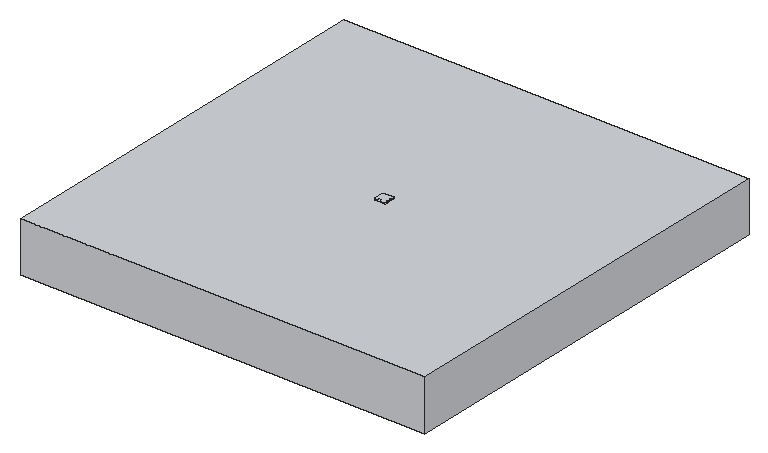
Revit family "Gira_015500", category Allgemeines Modell, Revit 2017
Family settings
  Basisbauteil = Fläche
  Kann Basisbauteil für Bewehrung sein = Nein
  Bemaßung runder Anschluss = Durchmesser verwenden
  Teiletyp = Normal
  Beim Laden mit Abzugskörper schneiden = Nein
  Gemeinsam genutzt = Nein
  Raumberechnungspunkt = Nein
Parameters
  Zusammenstellung = "Basiselement"
  Zufallsgenerator = no
  Werkstoffgüte = "sonstige"
  Werkstoff = "sonstige"
  Default Elevation = 1219.2 mm
  Verwendbar mit Zeitschalter/Timer = no
  Verwendbar mit Taste = yes
  Verwendbar mit Präsenzmelder = no
  Verwendbar mit IR-Taste = no
  Verwendbar mit Funktaste = no
  Verwendbar mit Bewegungsmelder = no
  URL = "https://www.gira.de/"
  Typname = "Wipptaster Wechsler 2f Einsatz"
  Transparent = no
  Textfeld/Beschriftungsfläche = no
  Seriendimmer = no
  Rückmeldekontakt = no
  Produktseite = "http://katalog.gira.de/de_DE/datenblatt.html?artikelnr=015500"
  Oberfläche = "sonstige"
  Nennspannung [Volt] 5 = 230
  Nennspannung [Volt] 2 = 230
  Nennspannung [Volt] 13 = 250
  Nennspannung [Volt] 1 = 230
  Nennspannung [Volt] = "[230:230]"
  Nebenstelleneingang = yes
  Montageart = "Unterputz"
  Mit Memory-Funktion = no
  Mit Helligkeitssensoranschluss = no
  Mit Glasbruchmelderanschluss = no
  Mit Beleuchtung = no
  Mit Astro-Programm = no
  Max. Schaltleistung [Voltampere] = 1000
  Lichtwertspeicher = no
  Lastart = "sonstige"
  Kontakte = "2 Schließer"
  Integrierte Zeitschaltuhr = no
  Hersteller = "Gira"
  Halogenfrei = no
  HAN = "015500"
  Geeignet für Windsensor = no
  Geeignet für Schutzart (IP) = "IP20"
  Geeignet für Regensensor = no
  GTIN = "4010337155003"
  Funk bidirektional = no
  Frequenz [Hz] = "[50:50]"
  Farbe = "sonstige"
  Dimmung Phasenanschnitt = no
  Dimmung Phasenabschnitt = no
  Datenblatt = "https://katalog.gira.de/de_DE/download.html?artikelnr=015500"
  Bussystem Powernet = no
  Bussystem LON = no
  Bussystem KNX-Funk = no
  Bussystem KNX = yes
  Bussystem Funkbus = no
  Beschreibung = "Einsatz Wipptaster 10 AX 250 V~  Wechsler 2fach"
  Bemessungsstrom = 10 A
  Befestigungsart = "Krallen-/Schraubbefestigung"
  Bedienungsart = "Wippe"
  BIM = "https://media.stage.bim.site/public/gira/876eb45/Einsatz_1fach.rfa"
  Aussperrsicherung = no
  Ausführung der Oberfläche = "nicht zutreffend"
  Ausführung = "Einzeltaster"
  Aufdruck = "ohne"
  App-Steuerung über Bluetooth = no
  Anzahl der Betätigungswippen = 2
  Anschlussart = "Schraubklemme"
  Andere Bussysteme = "ohne"
Reference planes
  plane 1 "Center (Front/Back)": y = 0
  plane 2: z = 0
  plane 3 "Center (Left/Right)": x = 0
Forms (mm)
  Extrusion 1, solid
    sketch origin (0, 0, 0) x (1, 0, 0) y (0, 1, 0)
      loop
        line (-1219.2, 1219.2) -> (-1219.2, -1219.2) -> (1219.2, -1219.2) -> (1219.2, 1219.2) -> (-1219.2, 1219.2)
    from 0 to -304.8
  Extrusion 2, solid, detail levels fine
    sketch origin (0, 0, 0) x (1, 0, 0) y (0, 1, 0)
      loop
        line (27.475, 35.475) -> (-27.475, 35.475)
        arc (-27.475, 35.475) -> (-33.132, 33.132) -> (-35.475, 27.475) r 8
        line (-35.475, 27.475) -> (-35.475, -27.475)
        arc (-35.475, -27.475) -> (-33.132, -33.132) -> (-27.475, -35.475) r 8
        line (-27.475, -35.475) -> (27.475, -35.475)
        arc (27.475, -35.475) -> (33.132, -33.132) -> (35.475, -27.475) r 8
        line (35.475, -27.475) -> (35.475, 27.475)
        arc (35.475, 27.475) -> (33.132, 33.132) -> (27.475, 35.475) r 8
    from 0 to 1.8
  Extrusion 3, solid, detail levels fine
    sketch origin (0, 0, 0) x (1, 0, 0) y (0, 1, 0)
      loop
        line (9.678, 25.4) -> (-9.678, 25.4)
        arc (-9.678, 25.4) -> (-12.885, 24.922) -> (-15.814, 23.53) r 11
        arc (-15.814, 23.53) -> (-17.795, 22.07) -> (-19.641, 20.444) r 28.35
        arc (-19.641, 20.444) -> (-21.339, 18.665) -> (-22.876, 16.745) r 28.35
        arc (-22.876, 16.745) -> (-24.456, 13.666) -> (-25, 10.248) r 11
        line (-25, 10.248) -> (-25, -10.248)
        arc (-25, -10.248) -> (-24.456, -13.666) -> (-22.876, -16.745) r 11
        arc (-22.876, -16.745) -> (-20.409, -19.677) -> (-17.569, -22.25) r 28.35
        line (-17.569, -22.25) -> (17.569, -22.25)
        arc (17.569, -22.25) -> (20.409, -19.677) -> (22.876, -16.745) r 28.35
        arc (22.876, -16.745) -> (24.456, -13.666) -> (25, -10.248) r 11
        line (25, -10.248) -> (25, 10.248)
        arc (25, 10.248) -> (24.456, 13.666) -> (22.876, 16.745) r 11
        arc (22.876, 16.745) -> (21.593, 18.37) -> (20.195, 19.897) r 28.35
        arc (20.195, 19.897) -> (18.096, 21.823) -> (15.814, 23.53) r 28.35
        arc (15.814, 23.53) -> (12.885, 24.922) -> (9.678, 25.4) r 11
    from 0 to -22
  Extrusion 4, solid, detail levels medium
    sketch origin (0, 0, 0) x (1, 0, 0) y (0, 1, 0)
      loop
        line (-25, 25.4) -> (-25, -22.25) -> (25, -22.25) -> (25, 25.4) -> (-25, 25.4)
    from 0 to -22
  Extrusion 5, solid, detail levels coarse
    sketch origin (0, 0, 0) x (1, 0, 0) y (0, 1, 0)
      loop
        line (35.475, 35.475) -> (-35.475, 35.475) -> (-35.475, -35.475) -> (35.475, -35.475) -> (35.475, 35.475)
    from -22 to 1.8
  Extrusion 6, solid, detail levels medium
    sketch origin (0, 0, 0) x (1, 0, 0) y (0, 1, 0)
      loop
        line (35.475, 35.475) -> (-35.475, 35.475) -> (-35.475, -35.475) -> (35.475, -35.475) -> (35.475, 35.475)
    from 0 to 1.8
Dimensions and locks
  aligned and locked: plane 2 to Extrusion 1
  aligned and locked: level to Extrusion 1
Connectors
  electrical at (0, 0, -22)
    settings: on Extrusion 5, index 1, voltage 220 V, apparent load 0 VA, apparent load phase1 0 VA, apparent load phase2 0 VA, apparent load phase3 0 VA, power factor 1, load classification "Other", number of poles 1, system type 30, power factor state 1, is connector primary yes, connector utility no, sub classification motor no, connector description ""
